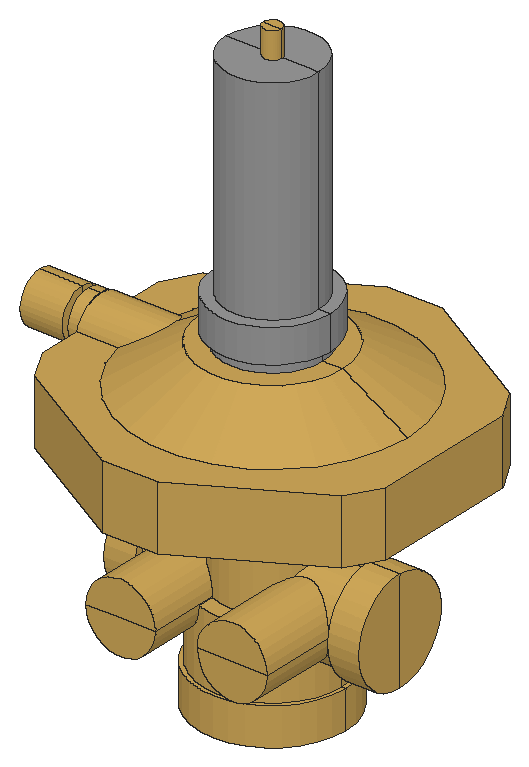
Revit family "Differenzdruckregler 4002 25-60kPa", category Rohrzubehör, Revit 2018
Family settings
  Bemaßung runder Anschluss = Durchmesser verwenden
  Teiletyp = Unterbricht
  OmniClass-Nummer = 23.65.55.14
  OmniClass-Titel = Valves for Liquid Services
  Arbeitsebenenbasiert = Nein
  Immer vertikal = Ja
  Beim Laden mit Abzugskörper schneiden = Nein
  Gemeinsam genutzt = Nein
Parameters (values of type "Ohne Dämmung")
  y2 [instance] = K14 + K9 + H01  # 45.649 mm
  y1 [instance] = (R03 * 2) + R05  # 66.000 mm
  PN = 16  # constant formula
  Min. Betriebstemperatur (Frostschutz) = -20 °C  # constant formula
  Max. zulässige Betriebstemperatur bis DN32 = 130 °C  # constant formula
  Max. zulässige Betriebstemperatur DN40 - DN50 = 110 °C  # constant formula
  Max. Differenzdruck am Gehäuse = 400000.0 Pa  # constant formula
  Max. Betriebsdruck = 1600000.0 Pa  # constant formula
  Ventilschaft = "Edelstahl 14301"  # constant formula
  VRL01 [instance] = 30.000 mm  # constant formula
  V12 = 17.000 mm  # constant formula
  V10 = 16.000 mm  # constant formula
  V09 [instance] = 11.000 mm  # constant formula
  V08 [instance] = G01 + 3.000 mm  # 16.220 mm
  V03 [instance] = G01 + 5.000 mm  # 18.220 mm
  V02 [instance] = V01 + 4.500 mm  # 12.000 mm
  V01 [instance] = Nennweite / 2  # 7.500 mm
  URL = "www.herz-armaturen.at"
  SCRNSEQ = "ARM;ARM_TYP=\"DIFR\";2"
  SCRNCODE = "05;03;4"  # constant formula
  S07 = 10.000 mm  # constant formula
  S05 [instance] = S01 - 1.000 mm  # 13.850 mm
  S04 [instance] = S02 - 1.000 mm  # 18.000 mm
  S03 [instance] = size_lookup("4002 25-60kPa", "S03", 26.500 mm, Nennweite)  # 25.600 mm
  S02 [instance] = size_lookup("4002 25-60kPa", "S02", 19.000 mm, Nennweite)  # 19.000 mm
  S01 [instance] = size_lookup("4002 25-60kPa", "S01", 14.850 mm, Nennweite)  # 14.850 mm
  Regleranschlussmutter = "Messing CW614N"  # constant formula
  Regelbereich = "25 - 60kPa"  # constant formula
  R06 [instance] = size_lookup("4002 25-60kPa", "R06", 14.500 mm, Nennweite)  # 14.500 mm
  R05 [instance] = size_lookup("4002 25-60kPa", "R05", 41.000 mm, Nennweite)  # 50.000 mm
  R04 [instance] = size_lookup("4002 25-60kPa", "R04", 12.500 mm, Nennweite)  # 12.500 mm
  R03 [instance] = size_lookup("4002 25-60kPa", "R03", 8.000 mm, Nennweite)  # 8.000 mm
  R02 = 14.500 mm  # constant formula
  R01 [instance] = size_lookup("4002 25-60kPa", "R01", 11.500 mm, Nennweite)  # 11.500 mm
  Min. Betriebstemperatur (reines Wasser) = 2 °C  # constant formula
  O-Ringe = "EPDM"  # constant formula
  Nennweite [instance] = 15.000 mm
  Membrangehäuse = "Messing CW602N"  # constant formula
  Membrane = "EPDM"  # constant formula
  Medium = "Wasserbeschaffenheit nach ÖNORM H 5195 und VDI 2035\r\nDie Verwendung von Ethylen- und Propylenglykol ist im\r\nMischungsverhältnis 25 - 50 Vol.-% zulässig."
  L07 [instance] = size_lookup("4002 25-60kPa", "L07", 28.500 mm, Nennweite)  # 33.000 mm
  L06 = 7.000 mm  # constant formula
  L [instance] = size_lookup("4002 25-60kPa", "L", 66.000 mm, Nennweite)  # 66.000 mm
  K9 = 4.000 mm  # constant formula
  K8 = 55.000 mm  # constant formula
  K7 = 8.700 mm  # constant formula
  K6 = 11.700 mm  # constant formula
  K5 = 13.000 mm  # constant formula
  K4 = 12.000 mm  # constant formula
  K3 = 15.000 mm  # constant formula
  K2 = 2.350 mm  # constant formula
  K18 = 89.000 mm  # constant formula
  K17 = 66.700 mm  # constant formula
  K16 = 3.000 mm  # constant formula
  K15 = 26.649 mm  # constant formula
  K14 = 16.649 mm  # constant formula
  K13 = 16.649 mm  # constant formula
  K12 = 10.000 mm  # constant formula
  K11 = 35.000 mm  # constant formula
  K10 = 18.250 mm  # constant formula
  K1.1 = 2.350 mm  # constant formula
  K1 = 7.651 mm - 1.000 mm  # 6.651 mm
  J9 = 15.700 mm  # constant formula
  J8 = 7.850 mm  # constant formula
  J7 = 15.897 mm  # constant formula
  J6 = 3.900 mm  # constant formula
  J5 = 6.500 mm  # constant formula
  J4 = 1.500 mm  # constant formula
  J3 = 3.200 mm  # constant formula
  J2 = 11.000 mm  # constant formula
  J11 = 3.500 mm  # constant formula
  J10 = 18.897 mm  # constant formula
  J1 = 6.500 mm  # constant formula
  Hersteller = "HERZ-Armaturen Ges.m.b.H"  # constant formula
  H2 [instance] = size_lookup("4002 25-60kPa", "H2", 28.000 mm, Nennweite)  # 28.000 mm
  H1 [instance] = K1 + K2 + K3 + K4 + K5 + K7 + K8 + K16 + 16.650 mm  # 132.351 mm
  H04 = 4.000 mm  # constant formula
  H03 = 9.800 mm  # constant formula
  H02 [instance] = size_lookup("4002 25-60kPa", "H02", 53.000 mm, Nennweite)  # 53.000 mm
  H01 [instance] = size_lookup("4002 25-60kPa", "H01", 25.000 mm, Nennweite)  # 25.000 mm
  Gehäuse = "DZR Messing CC770S"  # constant formula
  G01 [instance] = size_lookup("4002 25-60kPa", "G01", 13.220 mm, Nennweite)  # 13.220 mm
  Einstellspindel = "Messing CW614N"  # constant formula
  Hinweise zum Material = "Gemäß Art 33 der REACH-Verordnung (EG Nr. 1907/2006) sind wir verpflichtet, darauf hinzuweisen,\r\ndass der Stoff Blei auf der SVHC-Liste geführt wird und dass alle aus Messing bestehenden Bauteile,\r\ndie in unseren Erzeugnissen verarbeitet sind, mehr als 0,1 % (w/w) Blei (CAS: 7439-92-1 / EINECS:\r\n231-100-4) enthalten. Da Blei als Legierungsbestandteil fest gebunden ist, sind keine Expositionen zu\r\nerwarten und daher sind keine zusätzlichen Angaben zur sicheren Verwendung notwendig.\r\n\r\nIm Hanf enthaltenes Ammoniak schädigt\r\nMessingventilgehäuse, EPDM Dichtungen werden durch\r\nMineralöle bzw. mineralölhaltige Schmierstoffe aufgequollen\r\nund führen somit zum Ausfall der EPDM-Dichtungen. Für\r\nFrost- und Korrosionsschutzmittel auf der Basis von Ethylen- und Propylenglykol sind die entsprechenden\r\nAngaben den Unterlagen des Herstellers zu entnehmen."
  Dämmung = no
  Dämmschale = "EPP (expandiertes Polypropylen)"  # constant formula
  Druckfeder = "Federstahl 14310 NS"  # constant formula
  DN50 [instance] = Nennweite = 50.000 mm  # no
  DN40 [instance] = Nennweite = 40.000 mm  # no
  DN32-40 [instance] = or(Nennweite = 32.000 mm, Nennweite = 40.000 mm)  # no
  DN32 [instance] = Nennweite = 32.000 mm  # no
  DN25 [instance] = Nennweite = 25.000 mm  # no
  DN20 [instance] = Nennweite = 20.000 mm  # no
  DN15-25 [instance] = or(Nennweite = 15.000 mm, Nennweite = 20.000 mm, Nennweite = 25.000 mm)  # yes
  DN15,20,25,32,50 [instance] = or(Nennweite = 15.000 mm, Nennweite = 20.000 mm, Nennweite = 25.000 mm, Nennweite = 32.000 mm, Nennweite = 50.000 mm)  # yes
  DN15 [instance] = Nennweite = 15.000 mm  # yes
  D07 [instance] = if(Nennweite = 15.000 mm, 32.000 mm, if(Nennweite = 20.000 mm, 33.000 mm, if(Nennweite = 25.000 mm, 33.000 mm, if(Nennweite = 32.000 mm, 49.000 mm, if(Nennweite = 40.000 mm, 57.560 mm, if(Nennweite = 50.000 mm, 57.560 mm, 0.000 mm))))))  # 32.000 mm
  D06 [instance] = if(Nennweite = 15.000 mm, 32.000 mm, if(Nennweite = 20.000 mm, 33.000 mm, if(Nennweite = 25.000 mm, 33.000 mm, if(Nennweite = 32.000 mm, 49.000 mm, if(Nennweite = 40.000 mm, 57.560 mm, if(Nennweite = 50.000 mm, 57.560 mm, 0.000 mm))))))  # 32.000 mm
  D05 [instance] = if(Nennweite = 15.000 mm, 36.750 mm, if(Nennweite = 20.000 mm, 40.700 mm, if(Nennweite = 25.000 mm, 49.200 mm, if(Nennweite = 32.000 mm, 54.150 mm, if(Nennweite = 40.000 mm, 60.750 mm, if(Nennweite = 50.000 mm, 72.700 mm, 0.000 mm))))))  # 36.750 mm
  D04 [instance] = if(Nennweite = 15.000 mm, 78.500 mm, if(Nennweite = 20.000 mm, 82.000 mm, if(Nennweite = 25.000 mm, 84.000 mm, if(Nennweite = 32.000 mm, 120.000 mm, if(Nennweite = 40.000 mm, 130.000 mm, if(Nennweite = 50.000 mm, 130.500 mm, 0.000 mm))))))  # 78.500 mm
  D03 [instance] = if(Nennweite = 15.000 mm, 96.000 mm, if(Nennweite = 20.000 mm, 110.000 mm, if(Nennweite = 25.000 mm, 112.000 mm, if(Nennweite = 32.000 mm, 152.000 mm, if(Nennweite = 40.000 mm, 170.000 mm, if(Nennweite = 50.000 mm, 179.000 mm, 0.000 mm))))))  # 96.000 mm
  D02 [instance] = size_lookup("4002 25-60kPa", "R05", 41.000 mm, Nennweite)  # 50.000 mm
  D01 [instance] = size_lookup("4002 25-60kPa", "G01", 13.220 mm, Nennweite)  # 13.220 mm
  Bestellnummer Dämmung [instance] = if(and(Dämmung, Nennweite = 15.000 mm), 1409611, if(and(Dämmung, Nennweite = 20.000 mm), 1409612, if(and(Dämmung, Nennweite = 25.000 mm), 1409613, if(and(Dämmung, Nennweite = 32.000 mm), 1409614, if(and(Dämmung, Nennweite = 40.000 mm), 1409615, if(and(Dämmung, Nennweite = 50.000 mm), 1409616, 0))))))  # 0
  Bestellnummer [instance] = size_lookup("4002 25-60kPa", "Artnr", 0, Nennweite)  # 1400261
  B2 [instance] = size_lookup("4002 25-60kPa", "B2", 31.000 mm, Nennweite)  # 31.000 mm
  B1 [instance] = size_lookup("4002 25-60kPa", "B1", 26.000 mm, Nennweite)  # 26.000 mm
  B04 = 100.649 mm  # constant formula
  B03 = 44.500 mm  # constant formula
  B02 = 104.688 mm  # constant formula
  B01 = 10.000 mm  # constant formula
  Anzeigehülse = "Kunststoff (Rot)"  # constant formula
  Anwendungsgebiet = "Der Differenzdruckregler ist ein Regler mit linearer Kennlinie in Geradsitzausführung und arbeitet ohne\r\nHilfsenergie. Der gewünschte Differenzdruck-Sollwert kann zwischen 5 und 30 kPa; 25 und 60 kPa bzw.\r\n45 und 80 kPa stufenlos eingestellt werden. Der eingestellte Wert ist mit Hilfe des Einstelldiagrammes\r\nablesbar. Werksseitig ist der Sollwert auf Minimum eingestellt. Der erforderliche Sollwert wird mit dem\r\nEinstellwerkzeug (1 4006 02) eingestellt. Im Lieferumfang enthalten ist die Impulsleitung (1000 mm),\r\ndiese ist im Vorlauf einzubinden."
  Anschlussnippel = "Messing CW602N"  # constant formula
Types (2, lengths in mm): name | y2 | y1 | V08 | V03 | V02 | V01 | S03 | R05 | R04 | R03 | R01 | Nennweite | L07 | L | H2 | H02 | H01 | G01 | Dämmung | DN25 | DN15 | D07 | D06 | D05 | D04 | D03 | D02 | D01 | Bestellnummer Dämmung | Bestellnummer | B2 | B1
  Ohne Dämmung | 45.649 | 66.000 | 16.220 | 18.220 | 12.000 | 7.500 | 25.600 | 50.000 | 12.500 | 8.000 | 11.500 | 15.000 | 33.000 | 66.000 | 28.000 | 53.000 | 25.000 | 13.220 | no | no | yes | 32.000 | 32.000 | 36.750 | 78.500 | 96.000 | 50.000 | 13.220 | 0 | 1400261 | 31.000 | 26.000
  Mit Dämmung | 46.649 | 76.000 | 23.600 | 25.600 | 17.000 | 12.500 | 29.000 | 58.200 | 14.500 | 8.900 | 14.800 | 25.000 | 38.000 | 76.000 | 29.000 | 54.500 | 26.000 | 20.600 | yes | yes | no | 33.000 | 33.000 | 49.200 | 84.000 | 112.000 | 58.200 | 20.600 | 1409613 | 1400263 | 33.000 | 28.000
Reference planes
  plane 1 "Mitte (Vorne/hinten)": y = 0
  plane 2: z = 0
  plane 3 "Mitte (Links/rechts)": x = 0
Forms (mm)
  Revolve 1, solid, material "Messing, weicher Gelbton, geschweißt", detail levels fine
    sketch origin (0, 0, 0) x (1, 0, 0) y (0, 0, 1)
      loop
        line (-33, 0) -> (33, 0) -> (33, 13.22) -> (25, 13.22) -> (25, 11.5) -> (-25, 11.5) -> (-25, 13.22) -> (-33, 13.22) -> (-33, 0)
      axis (-33, 0) -> (33, 0)
    angle from 0 to 360
  Revolve 2, solid, material "Messing, weicher Gelbton, geschweißt", detail levels fine
    sketch origin (0, 0, 0) x (1, 0, 0) y (0, 0, 1)
      loop
        line (0, -28) -> (0, 0) -> (-18, 0) -> (-18, -18.2) -> (-19, -18.2) -> (-19, -28) -> (0, -28)
      axis (0, 0) -> (0, -28)
    angle from 0 to 360
  Extrusion 3, solid, material "Messing, weicher Gelbton, geschweißt", detail levels fine
    sketch origin (0, 0, 0) x (0, -1, 0) y (1, 0, 0)
      loop
        line (-46, -7.038) -> (-27.114, -39.75) -> (-18.886, -44.5) -> (18.886, -44.5) -> (27.114, -39.75) -> (46, -7.038) -> (46, 7.038) -> (27.114, 39.75) -> (18.886, 44.5) -> (-18.886, 44.5) -> (-27.114, 39.75) -> (-46, 7.038) -> (-46, -7.038)
    from 29 to 45.649
  Revolve 4, solid, material "Messing, weicher Gelbton, geschweißt", detail levels fine
    sketch origin (0, 0, -7.051) x (1, 0, 0) y (0, 0, 1)
      loop
        line (0, 52.7) -> (0, 62.7) -> (-18.25, 62.7) -> (-35, 52.7) -> (0, 52.7)
      axis (0, 62.7) -> (0, 52.7)
    angle from 0 to 360
  Revolve 5, solid, material "Messing, weicher Gelbton, geschweißt", visible <- "DN15-25", detail levels fine
    sketch origin (-11, 0, 0) x (1, 0, 0) y (0, 1, 0)
      loop
        line (-1.5, 26) -> (-9.2, 26) -> (-9.2, 0) -> (-1.5, 0) -> (-1.5, 26)
      axis (-1.5, 0) -> (-1.5, 26)
    angle from 0 to 360
  Revolve 6, solid, material "Messing, weicher Gelbton, geschweißt", visible <- "DN15,20,25,32,50", detail levels fine
    sketch origin (-0.988, 0, -6.853) x (-1, 0, 0) y (0, 0, 1)
      loop
        line (43.5, 51.75) -> (59.2, 51.75) -> (59.2, 58.25) -> (48.2, 58.25) -> (48.2, 55.65) -> (46.7, 55.65) -> (46.7, 58.25) -> (43.5, 58.25) -> (43.5, 51.75)
      axis (43.5, 51.75) -> (59.2, 51.75)
    angle from 0 to 360
  Extrusion 7, solid, material "Messing, weicher Gelbton, geschweißt", visible <- "DN15,20,25,32,50", detail levels fine
    sketch origin (0, 0, 0) x (0, 1, 0) y (0, 0, -1)
      loop
        line (7.85, -43.547) -> (7.85, -32.5) -> (-7.85, -32.5) -> (-7.85, -43.547)
        arc (-7.85, -43.547) -> (0, -51.397) -> (7.85, -43.547) r 7.85
    from 0 to 44.5
  Revolve 8, solid, material "Kunststoff rot", detail levels fine
    sketch origin (0, 0, 0) x (1, 0, 0) y (0, 0, 1)
      loop
        line (-12, 122.349) -> (-12, 67.349) -> (-15, 67.349) -> (-15, 58.649) -> (-13, 58.649) -> (-13, 55.649) -> (0, 55.649) -> (0, 122.349) -> (-12, 122.349)
      axis (0, 122.349) -> (0, 55.649)
    angle from 0 to 360
  Revolve 9, solid, material "Messing, weicher Gelbton, geschweißt", visible <- "DN15-25", detail levels fine
    sketch origin (-2, 0, 0) x (1, 0, 0) y (0, 1, 0)
      loop
        line (-12.5, 0) -> (-21.5, 0) -> (-21.5, -31) -> (-12.5, -31) -> (-12.5, 0)
      axis (-12.5, 0) -> (-12.5, -31)
    angle from 0 to 360
  Revolve 10, solid, material "Messing, weicher Gelbton, geschweißt", visible <- "DN15-25", detail levels fine
    sketch origin (2, 0, 0) x (1, 0, 0) y (0, 1, 0)
      loop
        line (12.5, 0) -> (12.5, -31) -> (21.6, -31) -> (21.6, 0) -> (12.5, 0)
      axis (12.5, 0) -> (12.5, -31)
    angle from 0 to 360
  Extrusion 11, solid, material "Messing, weicher Gelbton, geschweißt", visible <- "DN32", detail levels fine
    sketch origin (-31.5, 0, 0) x (1, 0, 0) y (0, 1, 0)
      loop
        circle (63, 0) r 6.578
      loop
        circle (63, 0) r 3.28
    from -47 to 0
  Extrusion 12, solid, material "Messing, weicher Gelbton, geschweißt", visible <- "DN32", detail levels fine
    sketch origin (31.5, 0, 0) x (-1, 0, 0) y (0, -1, 0)
      loop
        circle (63, 0) r 6.578
      loop
        circle (63, 0) r 3.28
    from -47 to 0
  Revolve 13, solid, material "Messing, weicher Gelbton, geschweißt", detail levels fine
    sketch origin (0, 0, 0) x (1, 0, 0) y (0, 0, 1)
      loop
        line (-13.85, 0) -> (0, 0) -> (0, 29) -> (-9.85, 29) -> (-9.85, 25) -> (-14.85, 25) -> (-14.85, 15.2) -> (-13.85, 15.2) -> (-13.85, 0)
      axis (0, 29) -> (0, 0)
    angle from 0 to 360
  Extrusion 14, solid, material "Messing, weicher Gelbton, geschweißt", visible <- "DN40", detail levels fine
    sketch origin (29.382, 0, 0) x (-1, 0, 0) y (0, -1, 0)
      loop
        circle (63, 0) r 6.578
      loop
        circle (63, 0) r 3.28
    from -58 to 0
  Extrusion 15, solid, material "Messing, weicher Gelbton, geschweißt", visible <- "DN40", detail levels fine
    sketch origin (-29.455, 0, 0) x (1, 0, 0) y (0, 1, 0)
      loop
        circle (63, 0) r 6.578
      loop
        circle (63, 0) r 3.28
    from -58 to 0
  Extrusion 16, solid, material "Messing, weicher Gelbton, geschweißt", visible <- "DN50", detail levels fine
    sketch origin (28.422, 0, 0) x (-1, 0, 0) y (0, -1, 0)
      loop
        circle (63, 0) r 6.578
      loop
        circle (63, 0) r 3.28
    from -58 to 0
  Extrusion 17, solid, material "Messing, weicher Gelbton, geschweißt", visible <- "DN50", detail levels fine
    sketch origin (-28.422, 0, 0) x (1, 0, 0) y (0, 1, 0)
      loop
        circle (63, 0) r 6.578
      loop
        circle (63, 0) r 3.28
    from -58 to 0
  Revolve 18, solid, material "Messing, weicher Gelbton, geschweißt", detail levels fine
    sketch origin (0, 0, 10) x (1, 0, 0) y (0, 0, 1)
      loop
        line (-2.35, 111.349) -> (0, 111.349) -> (0, 119) -> (-2.35, 119) -> (-2.35, 111.349)
      axis (0, 119) -> (0, 111.349)
    angle from 0 to 360
  Revolve 19, solid, material "Messing, weicher Gelbton, geschweißt", visible <- "DN32-40", detail levels fine
    sketch origin (-11, 0, 0) x (1, 0, 0) y (0, 1, 0)
      loop
        line (-1.5, -26) -> (-1.5, 0) -> (-9.2, 0) -> (-9.2, -26) -> (-1.5, -26)
      axis (-1.5, 0) -> (-1.5, -26)
    angle from 0 to 360
  Extrusion 20, solid, material "Messing, weicher Gelbton, geschweißt", visible <- "DN40", detail levels fine
    sketch origin (0, 0, 0) x (0, 1, 0) y (0, 0, 1)
      loop
        arc (7.85, 74.047) -> (0, 81.897) -> (-7.85, 74.047) r 7.85
        line (-7.85, 74.047) -> (-7.85, 63) -> (7.85, 63) -> (7.85, 74.047)
    from 0 to 44.5
  Revolve 21, solid, material "Messing, weicher Gelbton, geschweißt", visible <- "DN40", detail levels fine
    sketch origin (0.988, 0, -6.853) x (1, 0, 0) y (0, 0, 1)
      loop
        line (43.5, 82.25) -> (59.2, 82.25) -> (59.2, 88.75) -> (48.2, 88.75) -> (48.2, 86.15) -> (46.7, 86.15) -> (46.7, 88.75) -> (43.5, 88.75) -> (43.5, 82.25)
      axis (43.5, 82.25) -> (59.2, 82.25)
    angle from 0 to 360
  Revolve 22, solid, material "Messing, weicher Gelbton, geschweißt", not visible, detail levels fine
    sketch origin (12.3, 0, 0) x (-1, 0, 0) y (0, 0, 1)
      loop
        line (45.3, 0) -> (75.3, 0) -> (75.3, 7.5) -> (58.3, 7.5) -> (58.3, 12) -> (49.3, 12) -> (49.3, 18.22) -> (42.3, 18.22) -> (42.3, 16.22) -> (37.3, 16.22) -> (37.3, 13.22) -> (45.3, 13.22) -> (45.3, 0)
      axis (37.3, 0) -> (75.3, 0)
    angle from 0 to 360
  Revolve 23, solid, material "Messing, weicher Gelbton, geschweißt", not visible, detail levels fine
    sketch origin (-12.3, 0, 0) x (1, 0, 0) y (0, 0, 1)
      loop
        line (45.3, 0) -> (75.3, 0) -> (75.3, 7.5) -> (58.3, 7.5) -> (58.3, 12) -> (49.3, 12) -> (49.3, 18.22) -> (42.3, 18.22) -> (42.3, 16.22) -> (37.3, 16.22) -> (37.3, 13.22) -> (45.3, 13.22) -> (45.3, 0)
      axis (37.3, 0) -> (75.3, 0)
    angle from 0 to 360
  Revolve 24, solid, material "Kunststoff-Anthrazit/Schwarz", visible <- "Dämmung", detail levels fine
    sketch origin (0, 0, 0) x (1, 0, 0) y (0, 0, 1)
      loop
        line (48, 32) -> (-48, 32) -> (-48, 13.22) -> (-25, 13.22) -> (-25, 0) -> (25, 0) -> (25, 13.22) -> (48, 13.22) -> (48, 32)
      axis (-48, 0) -> (48, 0)
    angle from 0 to 360
  Revolve 25, solid, material "Kunststoff-Anthrazit/Schwarz", visible <- "Dämmung", detail levels fine
    sketch origin (0, 0, 0) x (1, 0, 0) y (0, 0, 1)
      loop
        line (0, -46.5) -> (36.75, -46.5) -> (36.75, 32) -> (0, 32) -> (0, -46.5)
      axis (0, 32) -> (0, -46.5)
    angle from 0 to 360
  Extrusion 26, void
    sketch origin (-473.525, -85, 0) x (1, 0, 0) y (0, 1, 0)
      loop
        line (328.595, -39.754) -> (603.525, -39.754) -> (603.525, 170) -> (328.595, 170) -> (328.595, -39.754)
    from 29 to 45.649
  Extrusion 27, void
    sketch origin (-329.879, -55, 0) x (1, 0, 0) y (0, 1, 0)
      loop
        line (182.147, -28.807) -> (489.879, -28.807) -> (489.879, 155) -> (182.147, 155) -> (182.147, -28.807)
    from 29 to 45.649
Cuts and joins
  Extrusion 26 cuts Revolve 24
  Extrusion 27 cuts Revolve 25
Lines and regions (mm)
  model lines, detail levels coarse+medium
    curve 1: line (33, -13.22, 0) -> (33, 13.22, 0)
    curve 2: line (33, 13.22, 0) -> (-33, -13.22, 0)
    curve 3: line (-33, -13.22, 0) -> (-33, 13.22, 0)
    curve 4: line (-33, 13.22, 0) -> (33, -13.22, 0)
    curve 5: line (0, -15, 0) -> (0, -29, 0)
    curve 6: spline (-44.5, -37.324, 0) -> (-42.984, -35.17, 0) -> (-38.538, -33.162, 0) -> (-31.466, -31.438, 0) -> (-22.25, -30.115, 0) -> (-11.517, -29.284, 0) -> (0, -29, 0) -> (11.517, -29.284, 0) -> (22.25, -30.115, 0) -> (31.466, -31.438, 0) -> (38.538, -33.162, 0) -> (42.984, -35.17, 0) -> (44.5, -37.325, 0) -> (42.984, -39.479, 0) -> (38.538, -41.487, 0) -> (31.466, -43.211, 0) -> (22.25, -44.534, 0) -> (11.517, -45.365, 0) -> (0, -45.649, 0) -> (-11.517, -45.365, 0) -> (-22.25, -44.534, 0) -> (-31.466, -43.211, 0) -> (-38.538, -41.487, 0) -> (-42.984, -39.479, 0) -> (-44.5, -37.324, 0)
    curve 7: line (-33, 0, 13.22) -> (-33, 0, -13.22)
    curve 8: line (-33, 0, -13.22) -> (33, 0, 13.22)
    curve 9: line (33, 0, 13.22) -> (33, 0, -13.22)
    curve 10: line (33, 0, -13.22) -> (-33, 0, 13.22)
    curve 11: line (0, 0, 13.22) -> (0, 0, 29)
    curve 12: spline (-44.5, 0, 37.325) -> (-42.984, 0, 39.479) -> (-38.538, 0, 41.487) -> (-31.466, 0, 43.211) -> (-22.25, 0, 44.534) -> (-11.517, 0, 45.365) -> (0, 0, 45.649) -> (11.517, 0, 45.365) -> (22.25, 0, 44.534) -> (31.466, 0, 43.211) -> (38.538, 0, 41.487) -> (42.984, 0, 39.479) -> (44.5, 0, 37.324) -> (42.984, 0, 35.17) -> (38.538, 0, 33.162) -> (31.466, 0, 31.438) -> (22.25, 0, 30.115) -> (11.517, 0, 29.284) -> (0, 0, 29) -> (-11.517, 0, 29.284) -> (-22.25, 0, 30.115) -> (-31.466, 0, 31.438) -> (-38.538, 0, 33.162) -> (-42.984, 0, 35.17) -> (-44.5, 0, 37.325)
    curve 13: line (0, 0, 13.22) -> (16.5, 0, 6.61)
    curve 14: line (0, 0, 13.22) -> (-16.5, 0, 6.61)
    curve 15: line (33, 0, 0) -> (63, 0, 0)
    curve 16: line (-33, 0, 0) -> (-63, 0, 0)
    curve 17: line (0, -15, 0) -> (-22.716, -9.1, 0)
    curve 18: line (0, -15, 0) -> (22.716, -9.1, 0)
    curve 19: line (33, 0, 13.22) -> (33, 0, -13.22)
    curve 20: line (33, 0, 13.22) -> (43, 0, 13.22)
    curve 21: line (43, 0, 13.22) -> (33, 0, 0)
    curve 22: line (43, 0, -13.22) -> (33, 0, 0)
    curve 23: line (33, 0, -13.22) -> (43, 0, -13.22)
    curve 24: line (-33, 0, 13.22) -> (-33, 0, -13.22)
    curve 25: line (-33, 0, 13.22) -> (-43, 0, 13.22)
    curve 26: line (-43, 0, 13.22) -> (-33, 0, 0)
    curve 27: line (-43, 0, -13.22) -> (-33, 0, 0)
    curve 28: line (-33, 0, -13.22) -> (-43, 0, -13.22)
    curve 29: line (-33, 13.22, 0) -> (-43, 13.22, 0)
    curve 30: line (-43, 13.22, 0) -> (-33, 0, 0)
    curve 31: line (-33, -13.22, 0) -> (-43, -13.22, 0)
    curve 32: line (-43, -13.22, 0) -> (-33, 0, 0)
    curve 33: line (33, -13.22, 0) -> (33, 13.22, 0)
    curve 34: line (33, 13.22, 0) -> (43, 13.22, 0)
    curve 35: line (43, 13.22, 0) -> (33, 0, 0)
    curve 36: line (33, -13.22, 0) -> (43, -13.22, 0)
    curve 37: line (43, -13.22, 0) -> (33, 0, 0)
Dimensions and locks
  "G01": Revolve 1 sketch curve to Revolve 1 sketch curve  (x2)
  "R01": Revolve 1 sketch curve to Revolve 1 sketch curve
  "R03": Revolve 1 sketch curve to Revolve 1 sketch curve  (x2)
  "K10": Revolve 4 sketch curve to Revolve 4 sketch curve
  "K11": Revolve 4 sketch curve to Revolve 4 sketch curve
  "B1": Revolve 5 sketch curve to Revolve 5 sketch curve
  "J1": Revolve 6 sketch curve to Revolve 6 sketch curve
  "J3": Revolve 6 sketch curve to Revolve 6 sketch curve
  "J4": Revolve 6 sketch curve to Revolve 6 sketch curve
  "J2": Revolve 6 sketch curve to Revolve 6 sketch curve
  "J5": Revolve 6 sketch curve to Revolve 6 sketch curve
  "J6": Revolve 6 sketch curve to Revolve 6 sketch curve
  "H2": plane 2 to Revolve 2 sketch curve
  "H03": Revolve 2 sketch curve to Revolve 2 sketch curve
  "S02": plane 3 "Mitte (Links/rechts)" to Revolve 2 sketch curve
  "B02": Revolve 6 to Extrusion 3
  "B03": Extrusion 3 to plane 3 "Mitte (Links/rechts)"
  "R04": Revolve 5 sketch curve to plane 3 "Mitte (Links/rechts)"
  "K4": Revolve 8 sketch curve to Revolve 8 sketch curve
  "K3": Revolve 8 sketch curve to Revolve 8 sketch curve
  "K7": Revolve 8 sketch curve to Revolve 8 sketch curve
  "K5": Revolve 8 sketch curve to Revolve 8 sketch curve
  "K8": Revolve 8 sketch curve to Revolve 8 sketch curve
  "K12": Revolve 4 sketch curve to Revolve 4 sketch curve
  "K13": Revolve 4 sketch curve to Extrusion 3
  "K14": Extrusion 3 to Extrusion 3
  "K16": Revolve 8 sketch curve to Revolve 8 sketch curve
  "K15": Revolve 8 to Extrusion 3
  "R05": Revolve 1 sketch curve to Revolve 1 sketch curve
  plane 3 "Mitte (Links/rechts)" to Revolve 1 sketch curve = 33.000 mm
  Revolve 1 sketch curve to plane 3 "Mitte (Links/rechts)" = 33.000 mm
  equal spacing: Revolve 1 sketch curve, plane 3 "Mitte (Links/rechts)", Revolve 1 sketch curve
  "B2": plane 1 "Mitte (Vorne/hinten)" to Revolve 9 sketch curve
  "B2": Revolve 10 sketch curve to plane 1 "Mitte (Vorne/hinten)"
  "R06": Revolve 9 sketch curve to plane 3 "Mitte (Links/rechts)"
  "R06": plane 3 "Mitte (Links/rechts)" to Revolve 10 sketch curve
  "S01": Revolve 13 sketch curve to plane 3 "Mitte (Links/rechts)"
  "S05": plane 3 "Mitte (Links/rechts)" to Revolve 13 sketch curve
  "H04": Revolve 13 sketch curve to Revolve 13 sketch curve
  "H03": Revolve 13 sketch curve to Revolve 13 sketch curve
  "H01": Revolve 13 sketch curve to plane 2
  "K9": Extrusion 3 to Revolve 13
  Revolve 2 sketch curve to Revolve 2 sketch curve = 1.000 mm
  "J7": Revolve 6 sketch curve to Extrusion 3
  "J9": Extrusion 7 sketch curve to Extrusion 7 sketch curve
  "J10": Revolve 6 to Extrusion 7 sketch curve
  "J11": Extrusion 7 sketch curve to Extrusion 3
  equal spacing: curve 7, curve 6, curve 9
  "K18": Extrusion 3 to Extrusion 3
  equal spacing: curve 7, curve 14, curve 14
  equal spacing: curve 14, curve 13, curve 9
  "G01": curve 10 to plane 2
  "G01": plane 2 to curve 8
  "G01": curve 9 to plane 2
  "G01": plane 2 to curve 10
  "K18": curve 12 to curve 12
  "y1": curve 7 to curve 9
  "G01": curve 14 to plane 2
  "K14": curve 12 to curve 12
  "y2": curve 12 to plane 2
  "G01": plane 1 "Mitte (Vorne/hinten)" to curve 4
  "G01": curve 3 to plane 1 "Mitte (Vorne/hinten)"
  equal spacing: curve 3, curve 12, curve 1
  equal spacing: curve 3, curve 18, curve 1
  "y1": curve 3 to curve 1
  "G01": plane 1 "Mitte (Vorne/hinten)" to curve 2
  "G01": curve 4 to plane 1 "Mitte (Vorne/hinten)"
  "K18": curve 6 to curve 6
  "K14": curve 6 to curve 6
  "y2": curve 6 to plane 1 "Mitte (Vorne/hinten)"
  "K1": Revolve 18 sketch curve to Revolve 8
  "K1.1": plane 3 "Mitte (Links/rechts)" to Revolve 18 sketch curve
  "B1": Revolve 19 sketch curve to Revolve 19 sketch curve
  "R04": Revolve 19 sketch curve to plane 3 "Mitte (Links/rechts)"
  Revolve 18 to Revolve 2 = 157.000 mm
  "J9": Extrusion 20 sketch curve to Extrusion 20 sketch curve
  "J1": Revolve 21 sketch curve to Revolve 21 sketch curve
  "J3": Revolve 21 sketch curve to Revolve 21 sketch curve
  "J4": Revolve 21 sketch curve to Revolve 21 sketch curve
  "J2": Revolve 21 sketch curve to Revolve 21 sketch curve
  "J5": Revolve 21 sketch curve to Revolve 21 sketch curve
  "J6": Revolve 21 sketch curve to Revolve 21 sketch curve
  "R03": Revolve 22 sketch curve to Revolve 22 sketch curve
  "V10": Revolve 22 sketch curve to Revolve 22 sketch curve
  "V12": Revolve 22 sketch curve to Revolve 22 sketch curve
  "VRL01": Revolve 22 sketch curve to Revolve 22 sketch curve
  "V02": Revolve 22 sketch curve to plane 2
  "V01": Revolve 22 sketch curve to plane 2
  "G01": Revolve 22 sketch curve to plane 2
  "V08": Revolve 22 sketch curve to plane 2
  "V03": Revolve 22 sketch curve to plane 2
  "R03": Revolve 23 sketch curve to Revolve 23 sketch curve
  "V10": Revolve 23 sketch curve to Revolve 23 sketch curve
  "V12": Revolve 23 sketch curve to Revolve 23 sketch curve
  "VRL01": Revolve 23 sketch curve to Revolve 23 sketch curve
  "V01": Revolve 23 sketch curve to plane 2
  "V02": Revolve 23 sketch curve to plane 2
  "G01": Revolve 23 sketch curve to plane 2
  "V08": Revolve 23 sketch curve to plane 2
  "V03": Revolve 23 sketch curve to plane 2
  "L07": Revolve 22 to plane 3 "Mitte (Links/rechts)"
  "L07": plane 3 "Mitte (Links/rechts)" to Revolve 23
  "S07": curve 28 to Revolve 22
  "S07": curve 26 to Revolve 22
  "S07": Revolve 23 to curve 21
  "S07": Revolve 23 to curve 23
  "G01": plane 2 to curve 28
  "G01": curve 25 to plane 2
  "G01": curve 20 to plane 2
  "G01": plane 2 to curve 23
  "S07": curve 30 to curve 3
  "S07": curve 32 to curve 3
  "S07": curve 33 to curve 35
  "S07": curve 33 to curve 37
  "D01": Revolve 24 sketch curve to plane 2  (x2)
  "D03": Revolve 24 sketch curve to Revolve 24 sketch curve
  "D02": Revolve 24 sketch curve to Revolve 24 sketch curve
  equal spacing: Revolve 24 sketch curve, plane 3 "Mitte (Links/rechts)", Revolve 24 sketch curve  (x2)
  "D05": Revolve 25 sketch curve to Revolve 25 sketch curve
  "D04": Revolve 25 sketch curve to Revolve 25 sketch curve
  "D06": Revolve 25 sketch curve to plane 2
  Revolve 9 to plane 1 "Mitte (Vorne/hinten)" = 31.000 mm
  "D07": Revolve 24 sketch curve to plane 2
  "K14": Extrusion 26 to Extrusion 26
  "K14": Extrusion 26 to Extrusion 3
  "K14": Extrusion 27 to Extrusion 27
  "K14": Extrusion 27 to Extrusion 3
  "J8": radius of Extrusion 7 sketch curve
  "J8": radius of Extrusion 20 sketch curve
  aligned and locked: level to plane 2
Automatic sketch dimensions
  plane 3 "Mitte (Links/rechts)" to Extrusion 3 sketch curve = 7.038 mm  (x2)
  Extrusion 3 sketch curve to plane 1 "Mitte (Vorne/hinten)" = 46.000 mm
  Extrusion 3 sketch curve to plane 1 "Mitte (Vorne/hinten)" = 27.114 mm  (x2)
  Extrusion 3 sketch curve to Extrusion 3 sketch curve = 8.227 mm  (x4)
  plane 1 "Mitte (Vorne/hinten)" to Extrusion 3 sketch curve = 18.886 mm  (x2)
  Extrusion 3 sketch curve to Extrusion 3 sketch curve = 18.886 mm
  Extrusion 3 sketch curve to plane 3 "Mitte (Links/rechts)" = 7.038 mm  (x2)
  Extrusion 3 sketch curve to Extrusion 3 sketch curve = 32.712 mm  (x4)
  Extrusion 3 sketch curve to Extrusion 3 sketch curve = 4.750 mm  (x2)
  Extrusion 11 sketch curve to Extrusion 11 sketch curve = 0.000 mm  (x2)
  plane 1 "Mitte (Vorne/hinten)" to Extrusion 11 sketch curve = 0.000 mm
  plane 3 "Mitte (Links/rechts)" to Extrusion 11 sketch curve = 31.500 mm
  Extrusion 12 sketch curve to Extrusion 12 sketch curve = 0.000 mm  (x2)
  plane 1 "Mitte (Vorne/hinten)" to Extrusion 12 sketch curve = 0.000 mm
  plane 3 "Mitte (Links/rechts)" to Extrusion 12 sketch curve = 31.500 mm
  Extrusion 14 sketch curve to Extrusion 14 sketch curve = 0.000 mm  (x2)
  plane 1 "Mitte (Vorne/hinten)" to Extrusion 14 sketch curve = 0.000 mm
  plane 3 "Mitte (Links/rechts)" to Extrusion 14 sketch curve = 33.618 mm
  Extrusion 15 sketch curve to Extrusion 15 sketch curve = 0.000 mm  (x2)
  plane 1 "Mitte (Vorne/hinten)" to Extrusion 15 sketch curve = 0.000 mm
  plane 3 "Mitte (Links/rechts)" to Extrusion 15 sketch curve = 33.545 mm
  Extrusion 16 sketch curve to Extrusion 16 sketch curve = 0.000 mm  (x2)
  plane 1 "Mitte (Vorne/hinten)" to Extrusion 16 sketch curve = 0.000 mm
  plane 3 "Mitte (Links/rechts)" to Extrusion 16 sketch curve = 34.578 mm
  Extrusion 17 sketch curve to Extrusion 17 sketch curve = 0.000 mm  (x2)
  plane 1 "Mitte (Vorne/hinten)" to Extrusion 17 sketch curve = 0.000 mm
  plane 3 "Mitte (Links/rechts)" to Extrusion 17 sketch curve = 34.578 mm
  plane 1 "Mitte (Vorne/hinten)" to Extrusion 26 sketch curve = 124.754 mm
  Extrusion 26 sketch curve to plane 1 "Mitte (Vorne/hinten)" = 85.000 mm
  Extrusion 26 sketch curve to plane 3 "Mitte (Links/rechts)" = 144.930 mm
  Extrusion 26 sketch curve to Extrusion 26 sketch curve = 274.930 mm
  plane 1 "Mitte (Vorne/hinten)" to Extrusion 27 sketch curve = 83.807 mm
  Extrusion 27 sketch curve to plane 1 "Mitte (Vorne/hinten)" = 100.000 mm
  Extrusion 27 sketch curve to plane 3 "Mitte (Links/rechts)" = 147.731 mm
  Extrusion 27 sketch curve to Extrusion 27 sketch curve = 307.731 mm
  curve 16 to level = 0.000 mm
  curve 11 to plane 3 "Mitte (Links/rechts)" = 0.000 mm
  curve 12 to plane 3 "Mitte (Links/rechts)" = 0.000 mm
  curve 15 to level = 0.000 mm
  curve 16 to curve 16 = 30.000 mm
  curve 15 to curve 15 = 30.000 mm
  plane 1 "Mitte (Vorne/hinten)" to curve 30 = 0.000 mm
  plane 1 "Mitte (Vorne/hinten)" to curve 32 = 0.000 mm
  curve 18 to plane 3 "Mitte (Links/rechts)" = 0.000 mm
  curve 6 to plane 3 "Mitte (Links/rechts)" = 0.000 mm
  plane 1 "Mitte (Vorne/hinten)" to curve 37 = 0.000 mm
  plane 1 "Mitte (Vorne/hinten)" to curve 35 = 0.000 mm
  curve 5 to curve 5 = 14.000 mm
  plane 1 "Mitte (Vorne/hinten)" to curve 17 = 9.100 mm
  plane 1 "Mitte (Vorne/hinten)" to curve 18 = 9.100 mm
  Revolve 1 sketch curve to level = 0.000 mm  (x2)
  Revolve 1 sketch curve to Revolve 1 sketch curve = 1473.530 mm
  Revolve 1 sketch curve to Revolve 1 sketch curve = 1806.148 mm
  Revolve 2 sketch curve to level = 0.000 mm
  Revolve 2 sketch curve to plane 3 "Mitte (Links/rechts)" = 0.000 mm  (x2)
  Revolve 2 sketch curve to Revolve 2 sketch curve = 1.000 mm
  Revolve 2 sketch curve to Revolve 2 sketch curve = 334.045 mm
  level to Revolve 2 sketch curve = 2218.015 mm
  Revolve 4 sketch curve to plane 3 "Mitte (Links/rechts)" = 0.000 mm  (x2)
  Revolve 4 sketch curve to level = 373.096 mm
  Revolve 4 sketch curve to Revolve 4 sketch curve = 2155.315 mm
  plane 1 "Mitte (Vorne/hinten)" to Revolve 5 sketch curve = 0.000 mm  (x2)
  Revolve 5 sketch curve to Revolve 5 sketch curve = 0.000 mm  (x2)
  Revolve 5 sketch curve to Revolve 5 sketch curve = 7.700 mm
  plane 3 "Mitte (Links/rechts)" to Revolve 6 sketch curve = 44.488 mm
  Revolve 6 sketch curve to Revolve 6 sketch curve = 0.000 mm  (x3)
  Extrusion 7 sketch curve to plane 1 "Mitte (Vorne/hinten)" = 0.000 mm
  Extrusion 7 sketch curve to Extrusion 7 sketch curve = 11.047 mm
  Extrusion 7 sketch curve to Extrusion 7 sketch curve = 0.000 mm
  Revolve 8 sketch curve to plane 3 "Mitte (Links/rechts)" = 0.000 mm  (x2)
  level to Revolve 8 sketch curve = 55.649 mm
  Revolve 8 sketch curve to Revolve 8 sketch curve = 0.000 mm  (x2)
  plane 1 "Mitte (Vorne/hinten)" to Revolve 9 sketch curve = 0.000 mm  (x2)
  Revolve 9 sketch curve to Revolve 9 sketch curve = 9.000 mm
  Revolve 9 sketch curve to Revolve 9 sketch curve = 0.000 mm  (x2)
  plane 1 "Mitte (Vorne/hinten)" to Revolve 10 sketch curve = 0.000 mm  (x2)
  Revolve 10 sketch curve to Revolve 10 sketch curve = 9.100 mm
  Revolve 10 sketch curve to Revolve 10 sketch curve = 0.000 mm  (x2)
  Revolve 13 sketch curve to level = 0.000 mm  (x2)
  Revolve 13 sketch curve to plane 3 "Mitte (Links/rechts)" = 0.000 mm  (x2)
  Revolve 13 sketch curve to Revolve 13 sketch curve = 5.000 mm
  Revolve 13 sketch curve to Revolve 13 sketch curve = 0.000 mm
  Revolve 18 sketch curve to plane 3 "Mitte (Links/rechts)" = 0.000 mm  (x2)
  Revolve 18 sketch curve to Revolve 18 sketch curve = 7.651 mm
  Revolve 18 sketch curve to Revolve 18 sketch curve = 0.000 mm  (x2)
  plane 1 "Mitte (Vorne/hinten)" to Revolve 19 sketch curve = 0.000 mm  (x2)
  Revolve 19 sketch curve to Revolve 19 sketch curve = 7.700 mm
  Revolve 19 sketch curve to Revolve 19 sketch curve = 0.000 mm  (x2)
  Extrusion 20 sketch curve to plane 1 "Mitte (Vorne/hinten)" = 0.000 mm
  level to Extrusion 20 sketch curve = 63.000 mm
  Extrusion 20 sketch curve to Extrusion 20 sketch curve = 11.047 mm
  Extrusion 20 sketch curve to Extrusion 20 sketch curve = 0.000 mm
  plane 3 "Mitte (Links/rechts)" to Revolve 21 sketch curve = 44.488 mm
  level to Revolve 21 sketch curve = 75.397 mm
  Revolve 21 sketch curve to Revolve 21 sketch curve = 0.000 mm  (x3)
  Revolve 22 sketch curve to level = 0.000 mm  (x2)
  plane 3 "Mitte (Links/rechts)" to Revolve 22 sketch curve = 25.000 mm
  Revolve 22 sketch curve to Revolve 22 sketch curve = 4.000 mm
  Revolve 22 sketch curve to Revolve 22 sketch curve = 0.000 mm  (x2)
  Revolve 23 sketch curve to level = 0.000 mm  (x2)
  plane 3 "Mitte (Links/rechts)" to Revolve 23 sketch curve = 25.000 mm
  Revolve 23 sketch curve to Revolve 23 sketch curve = 4.000 mm
  Revolve 23 sketch curve to Revolve 23 sketch curve = 0.000 mm  (x2)
  curve 26 to level = 0.000 mm
  curve 27 to level = 0.000 mm
  curve 22 to level = 0.000 mm
  curve 21 to level = 0.000 mm
  curve 27 to curve 28 = 10.000 mm
  curve 19 to curve 20 = 10.000 mm
  Revolve 24 sketch curve to level = 0.000 mm  (x2)
  Revolve 24 sketch curve to Revolve 24 sketch curve = 0.000 mm  (x2)
  Revolve 25 sketch curve to plane 3 "Mitte (Links/rechts)" = 0.000 mm  (x2)
  Revolve 25 sketch curve to Revolve 25 sketch curve = 0.000 mm  (x2)
  radius of Extrusion 11 sketch curve = 6.578 mm
  radius of Extrusion 11 sketch curve = 3.280 mm
  radius of Extrusion 12 sketch curve = 6.578 mm
  radius of Extrusion 12 sketch curve = 3.280 mm
  radius of Extrusion 14 sketch curve = 6.578 mm
  radius of Extrusion 14 sketch curve = 3.280 mm
  radius of Extrusion 15 sketch curve = 6.578 mm
  radius of Extrusion 15 sketch curve = 3.280 mm
  radius of Extrusion 16 sketch curve = 6.578 mm
  radius of Extrusion 16 sketch curve = 3.280 mm
  radius of Extrusion 17 sketch curve = 6.578 mm
  radius of Extrusion 17 sketch curve = 3.280 mm
Nested families
  nested 1: "Herz-Logo-vorne" at (-0.018, 17.815, -12.904) x (0, -1, 0) z (0, 0, 1), type "Herz-Logo-vorne", detail levels fine
  nested 2: "Herz-Logo-vorne" at (-0.018, 29.612, 0) x (0, -1, 0) z (0, 0, 1), visible <- "DN32", type "Herz-Logo-vorne", detail levels fine
  nested 3: "Herz-Logo-vorne" at (-0.018, 38.665, 0) x (0, -1, 0) z (0, 0, 1), visible <- "DN40", type "Herz-Logo-vorne", detail levels fine
  nested 4: "Herz-Logo-vorne" at (-0.018, 37.548, 0) x (0, -1, 0) z (0, 0, 1), visible <- "DN50", type "Herz-Logo-vorne", detail levels fine
Connectors
  piping at (-33, 0, 0), diameter 15, driven by "Nennweite"
    settings: on Revolve 1, index 1, connector inside diameter 609.6 mm, connector length 0.000 mm, flow factor 0, pipe flow 0.0 L/s, pressure drop 0.0 Pa, fitting loss kfactor 0, connector angle 0.00°, fixture units 0, engagement length 0.000 mm, angle of deflection 0.00°, flow configuration 0, flow direction 1, fitting loss method 0, system type 7, joint type 0, gender type 0, connector reference index -1, connector utility 0, adjustable connector no, is connector primary yes, connector description ""
  piping at (33, 0, 0), diameter 15, driven by "Nennweite"
    settings: on Revolve 1, index 2, connector inside diameter 609.6 mm, connector length 0.000 mm, flow factor 0, pipe flow 0.0 L/s, pressure drop 0.0 Pa, fitting loss kfactor 0, connector angle 0.00°, fixture units 0, engagement length 0.000 mm, angle of deflection 0.00°, flow configuration 0, flow direction 2, fitting loss method 0, system type 29, joint type 0, gender type 0, connector reference index -1, connector utility 0, adjustable connector no, is connector primary no, connector description ""
Definition of nested family "Herz-Logo-vorne"
  Reference planes
    plane 1 "Mitte (Vorne/hinten)": y = 0
    plane 2: z = 0
    plane 3 "Mitte (Links/rechts)": x = 0
  Forms (mm)
    Extrusion 1, solid
      sketch origin (0.732, -0.018, 0.017) x (0, -1, 0) y (0, 0, 1)
        loop
          line (-0.018, -4.517) -> (4.482, -4.517) -> (4.482, 4.483) -> (-4.518, 4.483) -> (-4.518, -4.517) -> (-0.018, -4.517)
        loop
          line (-0.05, -3.48) -> (3.482, -3.48) -> (3.482, 3.483) -> (-3.518, 3.483) -> (-3.518, -3.48) -> (-0.05, -3.48)
        loop
          arc (-0.018, 2.383) -> (-1.543, 3.287) -> (-3.067, 2.383) r 1.738
          arc (-3.067, 2.383) -> (-3.191, 1.899) -> (-3.067, 1.415) r 1.009
          line (-3.067, 1.415) -> (-0.018, -3.281) -> (3.032, 1.415)
          arc (3.032, 1.415) -> (3.156, 1.899) -> (3.032, 2.383) r 1.009
          arc (3.032, 2.383) -> (1.507, 3.287) -> (-0.018, 2.383) r 1.738
        loop
          arc (1.885, 1.272) -> (2.005, 1.675) -> (1.885, 2.079) r 0.74
          arc (1.885, 2.079) -> (1.265, 2.416) -> (0.644, 2.079) r 0.74
          line (0.644, 2.079) -> (-0.018, 0.97) -> (-0.679, 2.079)
          arc (-0.679, 2.079) -> (-1.3, 2.416) -> (-1.921, 2.079) r 0.74
          arc (-1.921, 2.079) -> (-2.04, 1.675) -> (-1.921, 1.272) r 0.74
          line (-1.921, 1.272) -> (-0.018, -1.658) -> (1.885, 1.272)
      from 0 to 1.5
  Dimensions and locks
    aligned and locked: level to plane 2
